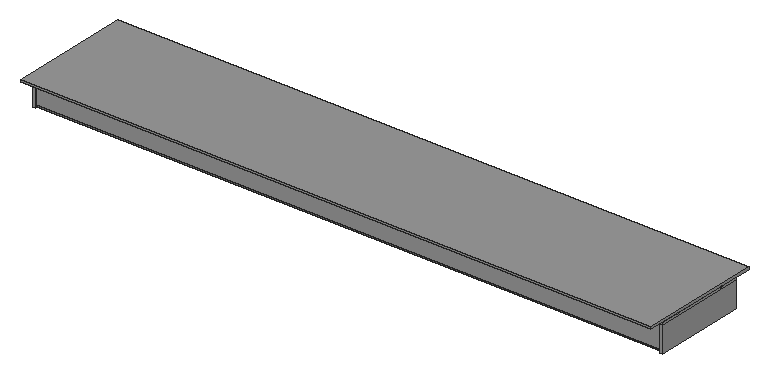
Revit family "Berica 2.2 M", category Lighting Fixtures, Revit 2020 (continued)
Definition of nested family "Light Source Berica 2.2"
  Types (4, lengths in mm): name | Photometric Web File | built-in parameter 1150142
      89.65 939.83 893.02 849.85 809.13 772.53 740.47 \r\n710.70 685.28 662.03 640.94 622.28 604.85 589.52 575.94 \r\n562.96 552.77 542.96 534.20 528.40 523.54 519.60 516.22 \r\n512.40 508.85 505.23 501.52 497.16 491.65 486.01 480.01 \r\n473.42 467.86 461.81 456.00 449.98 445.07 440.34 435.73 \r\n430.54 425.71 420.70 415.04 410.01 404.69 398.79 393.44 \r\n387.09 381.59 375.08 369.50 362.23 356.57 349.76 343.13 \r\n336.99 329.79 324.17 317.82 311.75 305.44 299.05 292.94 \r\n285.12 276.86 267.94 259.88 258.36 257.26 258.36 259.88 \r\n267.94 276.86 285.12 292.94 299.05 305.44 311.75 317.82 \r\n324.17 329.79 336.99 343.13 349.76 356.57 362.23 369.50 \r\n375.08 381.59 387.09 393.44 398.79 404.69 410.01 415.04 \r\n420.70 425.71 430.54 435.73 440.34 445.07 449.98 456.00 \r\n461.81 467.86 473.42 480.01 486.01 491.65 497.16 501.52 \r\n505.23 508.85 512.40 516.22 519.60 523.54 528.40 534.20 \r\n542.96 552.77 562.96 575.94 589.52 604.85 622.28 640.94 \r\n662.03 685.28 710.70 740.47 772.53 809.13 849.85 893.02 \r\n939.83 989.65 1040.88 1100.48 1156.26 1213.38 1273.93 \r\n1330.16 1384.99 1440.06 1493.72 1542.82 1584.13 1628.00 \r\n1665.61 1698.37 1725.56 1750.48 1768.79 1783.07 1790.23 \r\n1795.66 1797.56 1796.12 \r\n1796.12 1796.13 1792.95 1788.07 1777.66 1762.17 1743.19 \r\n1719.07 1688.72 1654.75 1615.05 1571.54 1523.98 1481.74 \r\n1424.36 1372.60 1314.55 1260.40 1196.15 1144.87 1082.73 \r\n1030.26 976.65 926.07 878.73 838.34 798.75 765.16 733.08 \r\n704.36 678.95 657.19 634.47 618.46 601.51 586.20 572.79 \r\n561.73 550.87 542.26 533.24 526.66 523.20 519.66 516.84 \r\n514.15 510.30 507.08 503.06 498.77 493.50 487.69 481.07 \r\n475.55 469.66 463.85 457.74 451.81 447.21 442.52 438.33 \r\n432.47 428.02 422.42 417.52 412.02 406.53 400.64 395.59 \r\n389.10 383.55 377.31 370.64 364.00 358.68 350.14 344.72 \r\n337.96 330.93 324.65 318.07 311.62 306.07 299.34 292.39 \r\n284.48 274.39 265.88 259.55 258.30 257.82 258.30 259.55 \r\n265.88 274.39 284.48 292.39 299.34 306.07 311.62 318.07 \r\n324.65 330.93 337.96 344.72 350.14 358.68 364.00 370.64 \r\n377.31 383.55 389.10 395.59 400.64 406.53 412.02 417.52 \r\n422.42 428.02 432.47 438.33 442.52 447.21 451.81 457.74 \r\n463.85 469.66 475.55 481.07 487.69 493.50 498.77 503.06 \r\n507.08 510.30 514.15 516.84 519.66 523.20 526.66 533.24 \r\n542.26 550.87 561.73 572.79 586.20 601.51 618.46 634.47 \r\n657.19 678.95 704.36 733.08 765.16 798.75 838.34 878.73 \r\n926.07 976.65 1030.26 1082.73 1144.87 1196.15 1260.40 \r\n1314.55 1372.60 1424.36 1481.74 1523.98 1571.54 1615.05 \r\n1654.75 1688.72 1719.07 1743.19 1762.17 1777.66 1788.07 \r\n1792.95 1796.13 1796.12 \r\n1796.12 1797.56 1795.66 1790.23 1783.07 1768.79 1750.48 \r\n1725.56 1698.37 1665.61 1628.00 1584.13 1542.82 1493.72 \r\n1440.06 1384.99 1330.16 1273.93 1213.38 1156.26 1100.48 \r\n1040.88 989.65 939.83 893.02 849.85 809.13 772.53 740.47 \r\n710.70 685.28 662.03 640.94 622.28 604.85 589.52 575.94 \r\n562.96 552.77 542.96 534.20 528.40 523.54 519.60 516.22 \r\n512.40 508.85 505.23 501.52 497.16 491.65 486.01 480.01 \r\n473.42 467.86 461.81 456.00 449.98 445.07 440.34 435.73 \r\n430.54 425.71 420.70 415.04 410.01 404.69 398.79 393.44 \r\n387.09 381.59 375.08 369.50 362.23 356.57 349.76 343.13 \r\n336.99 329.79 324.17 317.82 311.75 305.44 299.05 292.94 \r\n285.12 276.86 267.94 259.88 258.36 257.26 258.36 259.88 \r\n267.94 276.86 285.12 292.94 299.05 305.44 311.75 317.82 \r\n324.17 329.79 336.99 343.13 349.76 356.57 362.23 369.50 \r\n375.08 381.59 387.09 393.44 398.79 404.69 410.01 415.04 \r\n420.70 425.71 430.54 435.73 440.34 445.07 449.98 456.00 \r\n461.81 467.86 473.42 480.01 486.01 491.65 497.16 501.52 \r\n505.23 508.85 512.40 516.22 519.60 523.54 528.40 534.20 \r\n542.96 552.77 562.96 575.94 589.52 604.85 622.28 640.94 \r\n662.03 685.28 710.70 740.47 772.53 809.13 849.85 893.02 \r\n939.83 989.65 1040.88 1100.48 1156.26 1213.38 1273.93 \r\n1330.16 1384.99 1440.06 1493.72 1542.82 1584.13 1628.00 \r\n1665.61 1698.37 1725.56 1750.48 1768.79 1783.07 1790.23 \r\n1795.66 1797.56 1796.12 \r\n1796.12 1797.93 1795.47 1791.21 1783.34 1771.19 1752.76 \r\n1728.79 1701.02 1668.91 1631.77 1593.26 1548.11 1499.75 \r\n1447.50 1394.85 1337.87 1285.17 1225.44 1165.48 1112.48 \r\n1053.44 1002.04 949.40 904.45 857.65 817.77 783.52 749.06 \r\n718.22 693.69 670.28 647.91 626.93 609.85 594.68 579.69 \r\n567.27 556.11 546.37 537.37 530.67 525.96 520.95 516.54 \r\n512.26 507.90 503.99 500.69 496.07 490.75 485.17 478.42 \r\n472.08 465.56 459.63 453.33 446.58 441.21 436.52 430.93 \r\n426.32 420.72 415.67 410.17 404.40 399.61 393.75 387.50 \r\n382.02 375.78 369.57 363.59 356.97 350.86 344.20 337.79 \r\n331.73 324.91 318.55 311.95 306.19 300.25 294.71 287.59 \r\n281.33 273.17 263.84 257.15 254.48 253.94 254.48 257.15 \r\n263.84 273.17 281.33 287.59 294.71 300.25 306.19 311.95 \r\n318.55 324.91 331.73 337.79 344.20 350.86 356.97 363.59 \r\n369.57 375.78 382.02 387.50 393.75 399.61 404.40 410.17 \r\n415.67 420.72 426.32 430.93 436.52 441.21 446.58 453.33 \r\n459.63 465.56 472.08 478.42 485.17 490.75 496.07 500.69 \r\n503.99 507.90 512.26 516.54 520.95 525.96 530.67 537.37 \r\n546.37 556.11 567.27 579.69 594.68 609.85 626.93 647.91 \r\n670.28 693.69 718.22 749.06 783.52 817.77 857.65 904.45 \r\n949.40 1002.04 1053.44 1112.48 1165.48 1225.44 1285.17 \r\n1337.87 1394.85 1447.50 1499.75 1548.11 1593.26 1631.77 \r\n1668.91 1701.02 1728.79 1752.76 1771.19 1783.34 1791.21 \r\n1795.47 1797.93 1796.12 \r\n1796.12 1798.04 1796.12 1791.54 1784.25 1772.41 1753.94 \r\n1732.43 1705.31 1673.22 1639.20 1598.98 1556.60 1511.60 \r\n1462.35 1410.23 1356.13 1296.63 1241.38 1183.34 1130.38 \r\n1074.13 1021.64 971.49 920.08 876.08 834.71 797.41 760.99 \r\n732.06 705.88 681.47 657.93 637.84 618.86 601.90 587.67 \r\n573.99 561.95 551.72 541.89 533.97 528.03 523.23 517.00 \r\n511.64 507.19 502.40 498.07 493.77 488.23 481.50 475.23 \r\n468.26 461.68 454.75 447.81 440.94 434.89 428.74 424.07 \r\n418.40 412.70 407.29 401.14 395.81 389.53 383.81 377.99 \r\n372.02 365.37 360.09 353.29 347.34 340.17 334.15 327.58 \r\n320.92 315.30 309.26 303.06 297.02 291.62 284.98 279.78 \r\n273.02 265.99 257.33 250.84 247.79 247.73 247.79 250.84 \r\n257.33 265.99 273.02 279.78 284.98 291.62 297.02 303.06 \r\n309.26 315.30 320.92 327.58 334.15 340.17 347.34 353.29 \r\n360.09 365.37 372.02 377.99 383.81 389.53 395.81 401.14 \r\n407.29 412.70 418.40 424.07 428.74 434.89 440.94 447.81 \r\n454.75 461.68 468.26 475.23 481.50 488.23 493.77 498.07 \r\n502.40 507.19 511.64 517.00 523.23 528.03 533.97 541.89 \r\n551.72 561.95 573.99 587.67 601.90 618.86 637.84 657.93 \r\n681.47 705.88 732.06 760.99 797.41 834.71 876.08 920.08 \r\n971.49 1021.64 1074.13 1130.38 1183.34 1241.38 1296.63 \r\n1356.13 1410.23 1462.35 1511.60 1556.60 1598.98 1639.20 \r\n1673.22 1705.31 1732.43 1753.94 1772.41 1784.25 1791.54 \r\n1796.12 1798.04 1796.12 \r\n1796.12 1798.64 1796.33 1792.50 1785.40 1774.49 1757.10 \r\n1736.34 1711.17 1681.07 1648.80 1611.73 1573.20 1527.15 \r\n1476.11 1427.36 1376.93 1319.33 1264.51 1210.75 1154.39 \r\n1098.40 1050.01 995.75 947.69 900.63 858.14 817.68 781.95 \r\n750.40 722.16 695.32 672.83 650.57 630.28 612.75 597.57 \r\n582.87 570.32 559.06 548.01 539.40 529.76 524.91 519.11 \r\n512.94 506.07 500.12 494.62 489.94 484.55 478.39 471.48 \r\n463.96 456.95 449.06 442.09 434.66 427.46 420.08 414.44 \r\n408.57 402.46 396.09 390.21 384.91 377.75 371.81 365.18 \r\n359.36 352.59 346.67 340.42 334.44 327.63 321.59 314.89 \r\n308.29 302.47 296.35 290.56 284.83 279.33 273.60 268.29 \r\n262.05 255.74 248.70 242.15 239.62 238.57 239.62 242.15 \r\n248.70 255.74 262.05 268.29 273.60 279.33 284.83 290.56 \r\n296.35 302.47 308.29 314.89 321.59 327.63 334.44 340.42 \r\n346.67 352.59 359.36 365.18 371.81 377.75 384.91 390.21 \r\n396.09 402.46 408.57 414.44 420.08 427.46 434.66 442.09 \r\n449.06 456.95 463.96 471.48 478.39 484.55 489.94 494.62 \r\n500.12 506.07 512.94 519.11 524.91 529.76 539.40 548.01 \r\n559.06 570.32 582.87 597.57 612.75 630.28 650.57 672.83 \r\n695.32 722.16 750.40 781.95 817.68 858.14 900.63 947.69 \r\n995.75 1050.01 1098.40 1154.39 1210.75 1264.51 1319.33 \r\n1376.93 1427.36 1476.11 1527.15 1573.20 1611.73 1648.80 \r\n1681.07 1711.17 1736.34 1757.10 1774.49 1785.40 1792.50 \r\n1796.33 1798.64 1796.12 \r\n1796.12 1798.78 1796.95 1792.71 1787.28 1776.14 1761.93 \r\n1740.17 1716.45 1689.47 1659.42 1625.45 1584.56 1543.84 \r\n1501.01 1449.02 1399.52 1348.15 1294.14 1240.58 1187.43 \r\n1130.57 1080.80 1028.28 979.52 932.65 886.97 846.71 \r\n808.32 774.45 745.76 716.83 691.45 668.39 645.89 627.81 \r\n609.85 594.79 580.39 567.35 555.36 544.83 535.62 526.66 \r\n520.03 514.40 507.29 500.33 493.38 486.59 480.56 474.44 \r\n467.40 459.43 451.15 443.86 435.65 427.39 419.09 411.34 \r\n404.25 396.76 391.15 383.73 377.44 371.03 364.17 358.14 \r\n351.49 344.77 337.92 331.52 324.86 319.11 312.50 306.15 \r\n300.06 293.02 287.06 281.10 275.57 269.67 264.21 259.01 \r\n254.26 248.52 243.89 236.07 231.25 228.13 227.04 228.13 \r\n231.25 236.07 243.89 248.52 254.26 259.01 264.21 269.67 \r\n275.57 281.10 287.06 293.02 300.06 306.15 312.50 319.11 \r\n324.86 331.52 337.92 344.77 351.49 358.14 364.17 371.03 \r\n377.44 383.73 391.15 396.76 404.25 411.34 419.09 427.39 \r\n435.65 443.86 451.15 459.43 467.40 474.44 480.56 486.59 \r\n493.38 500.33 507.29 514.40 520.03 526.66 535.62 544.83 \r\n555.36 567.35 580.39 594.79 609.85 627.81 645.89 668.39 \r\n691.45 716.83 745.76 774.45 808.32 846.71 886.97 932.65 \r\n979.52 1028.28 1080.80 1130.57 1187.43 1240.58 1294.14 \r\n1348.15 1399.52 1449.02 1501.01 1543.84 1584.56 1625.45 \r\n1659.42 1689.47 1716.45 1740.17 1761.93 1776.14 1787.28 \r\n1792.71 1796.95 1798.78 1796.12 \r\n1796.12 1798.78 1797.82 1793.45 1788.12 1779.17 1764.88 \r\n1748.56 1725.11 1700.81 1672.90 1638.12 1603.81 1564.64 \r\n1520.63 1476.91 1429.16 1382.58 1328.87 1277.99 1224.27 \r\n1174.10 1120.55 1068.60 1019.32 969.99 926.54 882.80 \r\n842.91 804.45 775.50 744.36 717.17 689.89 668.80 647.26 \r\n628.00 610.60 593.85 580.17 567.00 554.78 543.71 533.58 \r\n524.15 516.43 510.10 502.49 493.87 486.39 478.34 470.96 \r\n464.34 456.19 447.70 438.95 429.97 421.01 412.95 403.63 \r\n395.35 386.66 379.49 372.05 365.33 358.08 351.48 343.41 \r\n337.02 329.70 323.04 316.63 309.46 303.06 295.96 289.55 \r\n283.11 276.43 270.61 264.09 258.53 252.71 247.03 242.02 \r\n237.85 232.18 227.84 222.29 217.26 214.54 213.04 214.54 \r\n217.26 222.29 227.84 232.18 237.85 242.02 247.03 252.71 \r\n258.53 264.09 270.61 276.43 283.11 289.55 295.96 303.06 \r\n309.46 316.63 323.04 329.70 337.02 343.41 351.48 358.08 \r\n365.33 372.05 379.49 386.66 395.35 403.63 412.95 421.01 \r\n429.97 438.95 447.70 456.19 464.34 470.96 478.34 486.39 \r\n493.87 502.49 510.10 516.43 524.15 533.58 543.71 554.78 \r\n567.00 580.17 593.85 610.60 628.00 647.26 668.80 689.89 \r\n717.17 744.36 775.50 804.45 842.91 882.80 926.54 969.99 \r\n1019.32 1068.60 1120.55 1174.10 1224.27 1277.99 1328.87 \r\n1382.58 1429.16 1476.91 1520.63 1564.64 1603.81 1638.12 \r\n1672.90 1700.81 1725.11 1748.56 1764.88 1779.17 1788.12 \r\n1793.45 1797.82 1798.78 1796.12 \r\n1796.12 1798.75 1797.82 1794.63 1789.41 1781.33 1768.87 \r\n1752.38 1733.45 1710.43 1683.10 1654.65 1621.44 1587.07 \r\n1549.90 1505.59 1462.51 1415.22 1367.70 1317.23 1268.06 \r\n1217.30 1167.82 1116.88 1067.01 1017.31 971.21 927.80 \r\n884.65 844.75 811.73 780.38 749.17 719.81 694.60 671.63 \r\n649.04 631.43 612.26 596.98 581.74 567.59 555.63 543.17 \r\n533.32 522.48 512.97 504.29 496.71 488.29 479.07 470.50 \r\n462.07 453.53 444.97 435.22 426.52 416.86 407.41 398.18 \r\n387.93 378.90 369.16 361.44 353.85 346.26 338.10 330.98 \r\n323.34 316.09 308.07 301.00 293.98 286.67 280.12 272.69 \r\n266.76 259.17 252.73 246.56 240.04 234.56 228.89 224.21 \r\n218.91 214.77 210.01 205.77 201.75 198.94 197.90 198.94 \r\n201.75 205.77 210.01 214.77 218.91 224.21 228.89 234.56 \r\n240.04 246.56 252.73 259.17 266.76 272.69 280.12 286.67 \r\n293.98 301.00 308.07 316.09 323.34 330.98 338.10 346.26 \r\n353.85 361.44 369.16 378.90 387.93 398.18 407.41 416.86 \r\n426.52 435.22 444.97 453.53 462.07 470.50 479.07 488.29 \r\n496.71 504.29 512.97 522.48 533.32 543.17 555.63 567.59 \r\n581.74 596.98 612.26 631.43 649.04 671.63 694.60 719.81 \r\n749.17 780.38 811.73 844.75 884.65 927.80 971.21 1017.31 \r\n1067.01 1116.88 1167.82 1217.30 1268.06 1317.23 1367.70 \r\n1415.22 1462.51 1505.59 1549.90 1587.07 1621.44 1654.65 \r\n1683.10 1710.43 1733.45 1752.38 1768.87 1781.33 1789.41 \r\n1794.63 1797.82 1798.75 1796.12 \r\n1796.12 1798.50 1797.50 1795.05 1790.68 1783.73 1773.05 \r\n1759.93 1741.65 1721.22 1696.84 1672.12 1641.57 1611.40 \r\n1573.88 1537.04 1499.78 1453.16 1410.52 1363.46 1316.51 \r\n1265.09 1221.66 1169.58 1120.94 1073.65 1024.78 983.55 \r\n935.70 896.81 859.82 823.19 790.32 760.55 728.74 704.88 \r\n679.35 657.67 637.02 618.09 602.55 586.36 571.79 557.70 \r\n545.07 532.46 522.70 510.89 501.48 491.81 482.18 472.28 \r\n463.23 453.26 444.11 434.46 424.40 414.74 403.33 394.04 \r\n383.30 373.08 363.33 353.35 343.77 335.51 326.64 318.75 \r\n310.77 302.11 294.22 286.49 279.40 271.71 264.17 257.08 \r\n249.48 242.62 235.48 228.92 222.60 216.37 210.88 205.05 \r\n200.95 196.24 192.78 188.77 184.86 182.70 181.02 182.70 \r\n184.86 188.77 192.78 196.24 200.95 205.05 210.88 216.37 \r\n222.60 228.92 235.48 242.62 249.48 257.08 264.17 271.71 \r\n279.40 286.49 294.22 302.11 310.77 318.75 326.64 335.51 \r\n343.77 353.35 363.33 373.08 383.30 394.04 403.33 414.74 \r\n424.40 434.46 444.11 453.26 463.23 472.28 482.18 491.81 \r\n501.48 510.89 522.70 532.46 545.07 557.70 571.79 586.36 \r\n602.55 618.09 637.02 657.67 679.35 704.88 728.74 760.55 \r\n790.32 823.19 859.82 896.81 935.70 983.55 1024.78 1073.65 \r\n1120.94 1169.58 1221.66 1265.09 1316.51 1363.46 1410.52 \r\n1453.16 1499.78 1537.04 1573.88 1611.40 1641.57 1672.12 \r\n1696.84 1721.22 1741.65 1759.93 1773.05 1783.73 1790.68 \r\n1795.05 1797.50 1798.50 1796.12 \r\n1796.12 1798.68 1798.49 1796.12 1791.58 1785.80 1777.25 \r\n1765.04 1750.82 1731.74 1711.92 1688.04 1662.75 1634.86 \r\n1603.82 1569.27 1531.16 1495.61 1452.39 1412.18 1365.68 \r\n1323.95 1277.13 1229.21 1182.00 1135.14 1087.12 1042.50 \r\n998.90 955.10 919.43 878.25 844.39 807.00 776.72 746.44 \r\n718.80 692.96 669.98 647.95 628.72 610.11 593.14 576.71 \r\n562.55 547.41 534.77 522.72 511.08 499.87 487.84 477.10 \r\n465.95 456.08 444.96 434.66 424.53 414.12 402.41 392.48 \r\n380.65 370.02 358.78 348.14 338.08 326.51 317.36 307.63 \r\n299.26 290.27 281.60 273.00 264.97 256.43 249.04 241.22 \r\n234.16 226.41 219.67 212.20 205.51 199.06 193.01 188.29 \r\n182.94 179.06 175.26 171.39 167.91 165.65 163.98 165.65 \r\n167.91 171.39 175.26 179.06 182.94 188.29 193.01 199.06 \r\n205.51 212.20 219.67 226.41 234.16 241.22 249.04 256.43 \r\n264.97 273.00 281.60 290.27 299.26 307.63 317.36 326.51 \r\n338.08 348.14 358.78 370.02 380.65 392.48 402.41 414.12 \r\n424.53 434.66 444.96 456.08 465.95 477.10 487.84 499.87 \r\n511.08 522.72 534.77 547.41 562.55 576.71 593.14 610.11 \r\n628.72 647.95 669.98 692.96 718.80 746.44 776.72 807.00 \r\n844.39 878.25 919.43 955.10 998.90 1042.50 1087.12 \r\n1135.14 1182.00 1229.21 1277.13 1323.95 1365.68 1412.18 \r\n1452.39 1495.61 1531.16 1569.27 1603.82 1634.86 1662.75 \r\n1688.04 1711.92 1731.74 1750.82 1765.04 1777.25 1785.80 \r\n1791.58 1796.12 1798.49 1798.68 1796.12 \r\n1796.12 1798.52 1798.62 1796.07 1792.52 1787.80 1781.22 \r\n1770.85 1758.08 1743.63 1725.63 1704.63 1682.56 1656.89 \r\n1629.48 1600.00 1568.44 1532.35 1498.25 1460.37 1419.06 \r\n1377.20 1337.19 1292.71 1247.16 1202.81 1156.93 1115.68 \r\n1067.41 1026.24 986.00 945.16 907.06 869.96 834.71 801.99 \r\n770.10 739.84 713.56 686.84 664.16 643.63 622.93 603.50 \r\n585.39 568.46 553.50 539.52 525.13 511.10 497.59 485.57 \r\n473.19 460.00 448.80 436.74 425.12 414.02 402.60 390.72 \r\n379.41 366.97 355.51 344.07 331.95 321.93 310.11 299.70 \r\n289.50 279.42 269.73 261.06 252.37 243.43 234.89 226.35 \r\n219.09 210.06 203.30 196.02 189.27 182.44 176.05 170.50 \r\n165.48 160.99 156.94 153.91 150.54 148.16 146.96 148.16 \r\n150.54 153.91 156.94 160.99 165.48 170.50 176.05 182.44 \r\n189.27 196.02 203.30 210.06 219.09 226.35 234.89 243.43 \r\n252.37 261.06 269.73 279.42 289.50 299.70 310.11 321.93 \r\n331.95 344.07 355.51 366.97 379.41 390.72 402.60 414.02 \r\n425.12 436.74 448.80 460.00 473.19 485.57 497.59 511.10 \r\n525.13 539.52 553.50 568.46 585.39 603.50 622.93 643.63 \r\n664.16 686.84 713.56 739.84 770.10 801.99 834.71 869.96 \r\n907.06 945.16 986.00 1026.24 1067.41 1115.68 1156.93 \r\n1202.81 1247.16 1292.71 1337.
